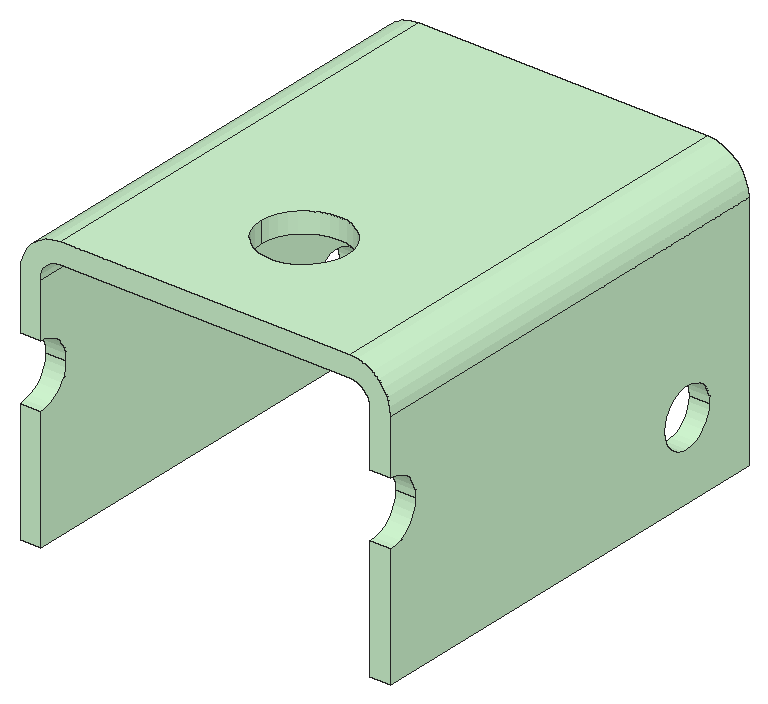
Revit family "rp-scover", category 機械設備, Revit 2022
Family settings
  丸型コネクタ寸法 = 直径を使用
  種別 = なし
  パーツ タイプ = 標準
  作業面ベース = いいえ
  常に垂直 = いいえ
  ロード時にボイドで切り取り = いいえ
  注釈の向きを維持 = いいえ
  共有 = いいえ
  部屋計算ポイント = いいえ
Parameters
  製造元 = "株式会社桐井製作所"
  既定の高さ = 0 mm
  URL = "https://www.kirii.co.jp/"
  K_板厚(mm) = 1.6 mm
  K_品名 = "RP-Sカバー"
  K_名称 = "クリップ補強"
  K_入数 = "200"
  K_バージョン情報 = "20211216"
Reference planes
  plane 1 "中心(正面/背面)": y = 0
  plane 2: z = 0
  plane 3 "中心(左/右)": x = 0
  plane 4: x = 14.5
  plane 5: x = -14.5
Forms (mm)
  Extrusion 1, solid
    sketch origin (1.146, 25.333, -5.456) x (1, 0, 0) y (0, 0, 1)
      loop
        arc (-14.046, 3.859) -> (-13.579, 4.992) -> (-12.446, 5.462) r 1.6
        line (-12.446, 5.462) -> (10.154, 5.462)
        arc (10.154, 5.462) -> (11.284, 4.994) -> (11.754, 3.865) r 1.6
        line (11.754, 3.865) -> (11.754, -14.938) -> (13.354, -14.938) -> (13.354, 3.858)
        arc (13.354, 3.858) -> (12.416, 6.125) -> (10.148, 7.062) r 3.2
        line (10.148, 7.062) -> (-12.441, 7.062)
        arc (-12.441, 7.062) -> (-14.708, 6.125) -> (-15.646, 3.858) r 3.2
        line (-15.646, 3.858) -> (-15.646, -14.938) -> (-14.046, -14.938) -> (-14.046, 3.859)
    from 0 to 35
  Extrusion 2, void
    sketch origin (0, 0, -10.194) x (1, 0, 0) y (0, 1, 0)
      loop
        circle (0, 0) r 3.4
    from 10.2 to 11.8
  Extrusion 3, void
    sketch origin (0, 7.714, -10.194) x (0, -1, 0) y (0, 0, -1)
      loop
        line (17.381, -4.3) -> (17.381, 0.7)
        arc (17.381, 0.7) -> (15.613, -0.032) -> (14.881, -1.8) r 2.5
        arc (14.881, -1.8) -> (15.613, -3.568) -> (17.381, -4.3) r 2.5
    from -14.5 to -12.9
  Extrusion 4, void
    sketch origin (0, 7.714, -10.194) x (0, -1, 0) y (0, 0, -1)
      loop
        circle (-11.619, 4.2) r 2.25
    from -14.5 to -12.9
  Extrusion 5, void
    sketch origin (27.4, 7.714, -10.194) x (0, -1, 0) y (0, 0, -1)
      loop
        line (17.381, -4.3) -> (17.381, 0.7)
        arc (17.381, 0.7) -> (15.613, -0.032) -> (14.881, -1.8) r 2.5
        arc (14.881, -1.8) -> (15.613, -3.568) -> (17.381, -4.3) r 2.5
    from -14.5 to -12.9
  Extrusion 6, void
    sketch origin (27.4, 7.714, -10.194) x (0, -1, 0) y (0, 0, -1)
      loop
        circle (-11.619, 4.2) r 2.25
    from -14.5 to -12.9
Cuts and joins
  Extrusion 2, Extrusion 3, Extrusion 4, Extrusion 5, Extrusion 6 cuts Extrusion 1
Dimensions and locks
  aligned and locked: level to plane 2
